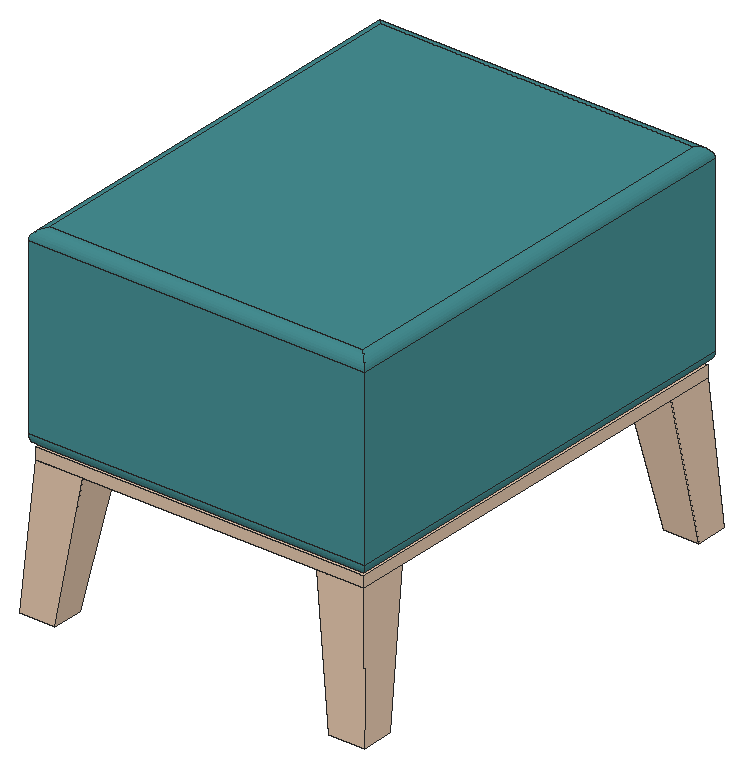
Revit family "FU_Stool_Sandler_MAYFAIR 6-0", category Furniture, Revit 2020
Family settings
  OmniClass Number = 23.21.23.15.17
  Work Plane-Based = Yes
  Always vertical = No
  Cut with Voids When Loaded = No
  Shared = No
  Room Calculation Point = No
Parameters (values of type "MAYFAIR 6.0")
  Youtube clip = ""
  Uniformat II Description = "Movable Furnishings"
  Uniformat II Code = ""
  Uniclass 2015 Name = ""
  Uniclass 2015 Code = ""
  Uniclass 2.0 Description = ""
  Uniclass 2.0 Code = ""
  Uniclass 1.4 Description = ""
  Uniclass 1.4 Code = ""
  UNSPSC Code = ""
  Technical description = ""
  Shell Material = Fabric - Manhattan - Leroy YI160
  Frame Material = Wood - Beech - Timber
  Region South America = "All"
  Region Oceania = "All"
  Region North America = "All"
  Region Middle East = "All"
  Region Europe = "All"
  Region Asia = "All"
  Region Antarctica = "All"
  Region Africa = "All"
  QR code = "https://www.sandlerseating.com/product/mayfair-6-0/"
  Product url = "https://www.sandlerseating.com/product/mayfair-6-0/"
  Product name = "MAYFAIR 6.0"
  Product group = "Chair"
  Product family = "Furniture"
  Product data url = "https://www.sandlerseating.com/product/mayfair-6-0/"
  Product certification = ""
  Product SKU = "??"
  Product Guid = "??"
  OmniClass Description = ""
  OmniClass Code = "23-21 23 15 17"
  NBS Reference Description = ""
  NBS Reference Code = ""
  Model = "MAYFAIR 6.0"
  Masterformat 2014 Description = "Chair Mats"
  Masterformat 2014 Code = "12 48 43.13"
  Manufacturer name = "Sandler"
  Manufacturer country = "USA"
  Manufacturer = "Sandler"
  Installation instructions = ""
  IFC Classification = "Furnishing Element"
  GTIN code = ""
  Edition number = 1
  Design country = "Brasil"
  Description = "Upholstered footstool with beech frame."
  Default Elevation = 0.000 mm
  Date of publishing = ""
  COBIe Type Category = ""
  Brand url = "https://www.sandlerseating.com/"
  BIMobject main category code = "furniture"
  BIMobject main category = "Furniture"
  BIMobject category code = "furniture-chair"
  BIMobject category = "Chair"
Reference planes
  plane 1 "Center Front/Back": y = 0
  plane 2: z = 0
  plane 3 "Center Left/Right": x = 0
  plane 4: y = 280
  plane 5: y = -280
Forms (mm)
  Extrusion 1, solid, material "Fabric - Manhattan - Leroy YI160" <- "Shell Material"
    sketch origin (0, 0, 840) x (-1, 0, 0) y (0, -1, 0)
      loop
        line (215, -280) -> (215, 280) -> (-215, 280) -> (-215, -280) -> (215, -280)
    from -651.235 to -400
  Extrusion 2, solid, material "Wood - Beech - Timber" <- "Frame Material"
    sketch origin (0, 0, 840) x (-1, 0, 0) y (0, -1, 0)
      loop
        line (190, -255) -> (190, 255) -> (-190, 255) -> (-190, -255) -> (190, -255)
      loop
        line (-210, -275) -> (210, -275) -> (210, 275) -> (-210, 275) -> (-210, -275)
    from -665.348 to -651.235
  Blend 3, solid, material "Wood - Beech - Timber" <- "Frame Material"
    base sketch origin (5, 5, 840) x (-1, 0, 0) y (0, -1, 0)
      loop
        line (215, 280) -> (155, 280) -> (155, 220) -> (215, 220) -> (215, 280)
    top sketch origin (5, 5, 840) x (-1, 0, 0) y (0, -1, 0)
      loop
        line (225.207, 292.183) -> (180.207, 292.183) -> (180.207, 252.183) -> (225.207, 252.183) -> (225.207, 292.183)
    from -665.348 to -840
  Blend 4, solid, material "Wood - Beech - Timber" <- "Frame Material"
    base sketch origin (-5, 5, 840) x (1, 0, 0) y (0, 1, 0)
      loop
        line (215, -280) -> (215, -220) -> (155, -220) -> (155, -280) -> (215, -280)
    top sketch origin (-5, 5, 840) x (1, 0, 0) y (0, 1, 0)
      loop
        line (225.207, -292.183) -> (225.207, -252.183) -> (180.207, -252.183) -> (180.207, -292.183) -> (225.207, -292.183)
    from -665.348 to -840
  Blend 5, solid, material "Wood - Beech - Timber" <- "Frame Material"
    base sketch origin (5, -5, 840) x (-1, 0, 0) y (0, -1, 0)
      loop
        line (215, -280) -> (215, -220) -> (155, -220) -> (155, -280) -> (215, -280)
    top sketch origin (5, -5, 840) x (-1, 0, 0) y (0, -1, 0)
      loop
        line (225.207, -292.183) -> (225.207, -252.183) -> (180.207, -252.183) -> (180.207, -292.183) -> (225.207, -292.183)
    from -665.348 to -840
  Blend 6, solid, material "Wood - Beech - Timber" <- "Frame Material"
    base sketch origin (-5, -5, 840) x (1, 0, 0) y (0, 1, 0)
      loop
        line (215, 280) -> (155, 280) -> (155, 220) -> (215, 220) -> (215, 280)
    top sketch origin (-5, -5, 840) x (1, 0, 0) y (0, 1, 0)
      loop
        line (225.207, 292.183) -> (180.207, 292.183) -> (180.207, 252.183) -> (225.207, 252.183) -> (225.207, 292.183)
    from -665.348 to -840
  Sweep 7, void
    path in 3D
      loop
        line (215, 280, 440) -> (-215, 280, 440) -> (-215, -280, 440) -> (215, -280, 440) -> (215, 280, 440)
    profile origin (215, 0, 440) x (-1, 0, 0) y (0, 0, 1)
      loop
        line (0, 0) -> (0, -15)
        arc (0, -15) -> (4.393, -4.393) -> (15, 0) r 15
        line (15, 0) -> (0, 0)
      loop
        line (0, -251.235) -> (15, -251.235)
        arc (15, -251.235) -> (4.393, -246.841) -> (0, -236.235) r 15
        line (0, -236.235) -> (0, -251.235)
Cuts and joins
  Sweep 7 cuts Extrusion 1
Lines and regions (mm)
  sketch lines
    curve 1: line (215, -280, 440) -> (215, 280, 440)
    curve 2: line (215, 280, 440) -> (-215, 280, 440)
    curve 3: line (-215, 280, 440) -> (-215, -280, 440)
    curve 4: line (-215, -280, 440) -> (215, -280, 440)
Dimensions and locks
  aligned and locked: level to plane 2
